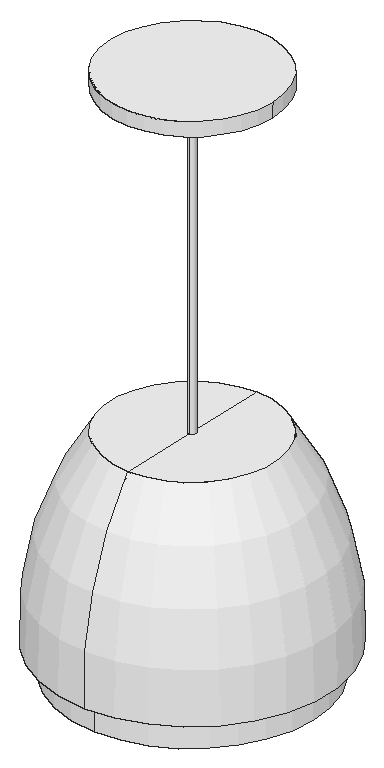
Revit family "LFX_A3-Commercial-METAL-HALLIDE", category Lighting Fixtures, host Ceiling, Revit 2016
Family settings
  Host = Ceiling
  Part Type = Undefined
  Round Connector Dimension = Use Diameter
  Always vertical = No
  Cut with Voids When Loaded = No
  Light Source = Yes
  Shared = No
  Room Calculation Point = No
Parameters (values of type "Ceiling Light")
  Wattage = 12.1178 W
  built-in parameter 1150110 = 1 (stored number, unit not read)
  built-in parameter 1114217 = 1 (stored number, unit not read)
  built-in parameter 1150109 = 1 (stored number, unit not read)
  built-in parameter 1150134 = 3
  built-in parameter 1150113 = 1 (stored number, unit not read)
  built-in parameter 1150105 = 143.24 (stored number, unit not read)
  built-in parameter 1150115 = 1 (stored number, unit not read)
  Light Source Symbol Size = 2' - 0"
  built-in parameter 1150137 = (empty or 0)
  built-in parameter 1150139 = (empty or 0)
  built-in parameter 1150112 = 1 (stored number, unit not read)
  built-in parameter 1150114 = 1 (stored number, unit not read)
  built-in parameter 1150132 = 2
  built-in parameter 1150102 = (empty or 0)
  built-in parameter 1150107 = 3200 (stored number, unit not read)
  built-in parameter 1150138 = (empty or 0)
  built-in parameter 1150106 = 1.4324 (stored number, unit not read)
  built-in parameter 1150104 = 13.8 (stored number, unit not read)
  Dimming Lamp Color Temperature Shift = <None>
  DROP FROM CL = 3' - 0"
  Lumens = 1800 lm
  Color Filter = 16777215
  built-in parameter 1114218 = 1 (stored number, unit not read)
  built-in parameter 1150133 = 10 (stored number, unit not read)
Reference planes (in)
  plane 1 "Center F/B": y = 0
  plane 2 "Ceiling": z = 96
  plane 3 "Center L/R": x = 0
  plane 4 "Light Source Elevation": z = 60
  plane 5: z = 72
  plane 6: z = 56
Forms (in)
  Extrusion 1, solid
    sketch origin (0, 0, 96) x (1, 0, 0) y (0, 1, 0)
      loop
        circle (0, 0) r 6
    from 0 to -1
  Revolve 2, solid
    sketch origin (0, 0, 0) x (0, 1, 0) y (0, 0, 1)
      loop
        line (0, 72) -> (0, 71.15635) -> (4.83302, 71.15635)
        arc (4.83302, 71.15635) -> (7.87423, 65.40647) -> (9, 59) r 20.8955
        line (9, 59) -> (8, 59) -> (8, 56) -> (9, 56) -> (9, 58) -> (10, 58)
        arc (10, 58) -> (9.22918, 65.35119) -> (6, 72) r 21.36873
        line (6, 72) -> (0, 72)
      axis (0, 72) -> (0, 56)
    angle from 0 to 360
  Sweep 3, solid
    path origin (0, 0, 0) x (0, 0, -1) y (1, 0, 0)
      loop
        line (-95, 0) -> (-72, 0)
    profile origin (0, 0, 83.5) x (0, -1, 0) y (1, 0, 0)
      loop
        circle (0, 0) r 0.25
  Revolve 4, solid
    sketch origin (0, 0, 0) x (0, 0, -1) y (1, 0, 0)
      loop
        line (-56, 0) -> (-57, 0) -> (-57, -8) -> (-56, -8) -> (-56, 0)
      axis (-57, 0) -> (-56, 0)
    angle from 0 to 360
Lines and regions (in)
  model lines
    curve 1: arc (6, 0, 96) -> (0, 6, 96) -> (-6, 0, 96) r 6
    curve 2: arc (-6, 0, 96) -> (0, -6, 96) -> (6, 0, 96) r 6
    curve 3: line (0, 0, 95) -> (0, 0, 72)
Dimensions and locks (in)
  equal spacing: host sketch curve, plane 3 "Center L/R", host sketch curve
  equal spacing: host sketch curve, plane 1 "Center F/B", host sketch curve
  host sketch curve to host sketch curve = 10' - 0"  (x2)
  "DROP FROM CL": plane 2 "Ceiling" to plane 4 "Light Source Elevation"
  plane 5 to plane 4 "Light Source Elevation" = 1' - 0"
  plane 4 "Light Source Elevation" to plane 6 = 0' - 4"
  aligned and locked: Revolve 2 sketch curve to plane 5
  aligned and locked: Extrusion 1 to curve 3
  aligned and locked: curve 3 to Revolve 2
  aligned and locked: Extrusion 1 to Sweep 3 sketch curve
  aligned and locked: Sweep 3 sketch curve to Revolve 2
  aligned and locked: Sweep 3 sketch curve to curve 3
  aligned and locked: Revolve 4 sketch curve to Revolve 2  (x2)
  aligned and locked: plane 3 "Center L/R" to imposter light
  aligned and locked: plane 1 "Center F/B" to imposter light
  aligned and locked: plane 4 "Light Source Elevation" to imposter light
Automatic sketch dimensions
  curve 1 to plane 1 "Center F/B" = 0' - 0"
  curve 1 to plane 3 "Center L/R" = 0' - 0"
  curve 1 to plane 3 "Center L/R" = 0' - 6"
  Extrusion 1 sketch curve to plane 1 "Center F/B" = 0' - 0"
  Extrusion 1 sketch curve to plane 3 "Center L/R" = 0' - 0"
  Extrusion 1 sketch curve to plane 3 "Center L/R" = 0' - 6"
  Revolve 2 sketch curve to plane 1 "Center F/B" = 0' - 0"  (x2)
  Revolve 2 sketch curve to plane 6 = 0' - 0"  (x2)
  Revolve 2 sketch curve to plane 5 = 0' - 0"
  Revolve 2 sketch curve to plane 6 = 0' - 3.48075"
  plane 1 "Center F/B" to Revolve 2 sketch curve = 0' - 11.31736"
  Revolve 2 sketch curve to Revolve 2 sketch curve = 0' - 0.57487"
  plane 5 to Revolve 2 sketch curve = 0' - 0.84365"
  Revolve 2 sketch curve to Revolve 2 sketch curve = 0' - 4.83302"
  Revolve 2 sketch curve to Revolve 2 sketch curve = 0' - 1.16698"
  Revolve 2 sketch curve to plane 1 "Center F/B" = 0' - 8"
  Revolve 2 sketch curve to Revolve 2 sketch curve = 0' - 1"  (x2)
  Revolve 2 sketch curve to Revolve 2 sketch curve = 0' - 0"
  Revolve 2 sketch curve to Revolve 2 sketch curve = 0' - 0.84988"
  curve 3 to plane 3 "Center L/R" = 0' - 0"
  Sweep 3 sketch curve to profile plane = 0' - 0"
  Sweep 3 sketch curve to Sweep 3 sketch curve = 0' - 0 1/4"
  Revolve 4 sketch curve to plane 3 "Center L/R" = 0' - 0"
  Revolve 4 sketch curve to plane 6 = 0' - 0"
  Revolve 4 sketch curve to Revolve 4 sketch curve = 0' - 1"  (x2)
  Revolve 4 sketch curve to plane 3 "Center L/R" = 0' - 8"
